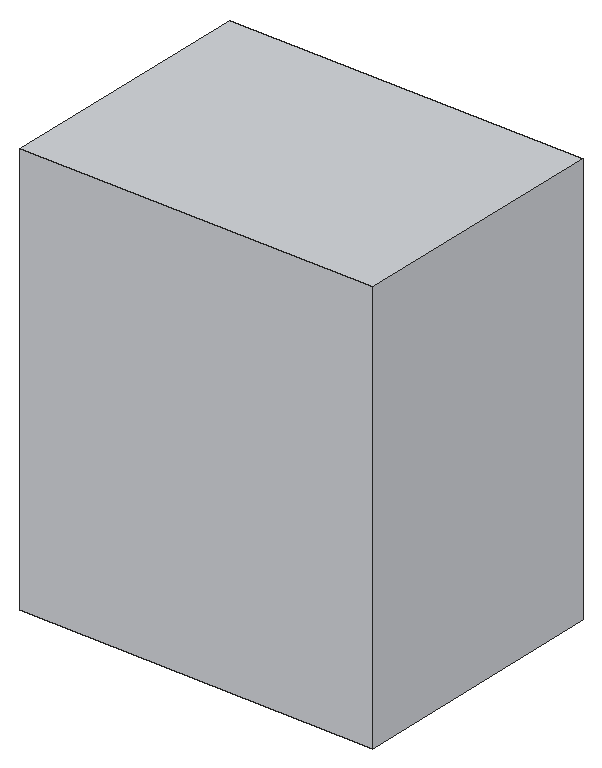
Revit family "M_Relógio de ponto", category Dispositivos de comunicação, Revit 2019
Family settings
  Manter orientação da anotação = Sim
  Cota do conector redondo = Utilizar diâmetro
  Tipo de parte = Normal
  Número OmniClass = 23.85.30.14.11
  Título OmniClass = Clocking-In and Recording
  ID de item do Seek = Time Clock-0000-CAN-ENU
  Com base no plano de trabalho = Não
  Sempre na vertical = Sim
  Corte com vazios quando carregada = Não
  Compartilhado = Não
  Ponto de cálculo do ambiente = Não
Parameters (values of type "Padrão")
  Largura = 165 mm
  Comprimento = 222 mm
  Legenda = "TC"
  Altura = 260 mm
  Material do relógio = none
Reference planes
  plane 1 "Centro (Frente/Trás)": y = 0
  plane 2: z = 0
  plane 3 "Centro (Esquerda/Direita)": x = 0
  plane 4: x = -111
  plane 5: x = 111
  plane 6: y = -165
  plane 7: z = 260
Forms (mm)
  Extrusion 1, solid
    sketch origin (0, 0, 0) x (1, 0, 0) y (0, 1, 0)
      loop
        line (-111, 0) -> (-111, -165) -> (111, -165) -> (111, 0) -> (-111, 0)
    from 0 to 260
Lines and regions (mm)
  symbolic lines, detail levels fine
    curve 1: line (-111, 0, 0) -> (-111, -165, 0)
    curve 2: line (111, 0, 0) -> (-111, 0, 0)
    curve 3: line (111, -165, 0) -> (111, 0, 0)
    curve 4: line (-111, -165, 0) -> (111, -165, 0)
Dimensions and locks
  equal spacing: plane 4, plane 3 "Centro (Esquerda/Direita)", plane 5
  "Comprimento": plane 4 to plane 5
  "Largura": plane 6 to plane 1 "Centro (Frente/Trás)"
  "Altura": plane 7 to plane 2
  aligned and locked: plane 4 to Extrusion 1 sketch curve
  aligned and locked: plane 1 "Centro (Frente/Trás)" to Extrusion 1 sketch curve
  aligned and locked: plane 6 to Extrusion 1 sketch curve
  aligned and locked: Extrusion 1 sketch curve to plane 5
  aligned and locked: Extrusion 1 to plane 2
  aligned and locked: plane 7 to Extrusion 1
  aligned and locked: plane 1 "Centro (Frente/Trás)" to nested 1
  aligned and locked: plane 3 "Centro (Esquerda/Direita)" to nested 1
  aligned and locked: curve 1 to Extrusion 1
  aligned and locked: curve 2 to Extrusion 1
  aligned and locked: curve 3 to Extrusion 1
  aligned and locked: curve 4 to Extrusion 1
Nested families
  nested 1: "M_Anotação do relógio de ponto" at (0, 0, 0), type "Anotação do relógio de ponto", detail levels coarse+medium
Connectors
  electrical at (0, 0, 130)
    settings: on Extrusion 1, index 1, voltage 0 V, apparent load 0 VA, apparent load phase1 0 VA, apparent load phase2 0 VA, apparent load phase3 0 VA, power factor 1, load classification "Outros", number of poles 1, system type 14, power factor state 1, is connector primary yes, connector utility no, sub classification motor no, connector description ""
Definition of nested family "M_Anotação do relógio de ponto"
  Parameters
    Anotação de legenda = "TC"
  Reference planes
    plane 1: y = 0
    plane 2: x = 0
  Lines and regions (mm)
    reference lines
      curve 1: line (-2.977, 5.783, 0) -> (-2.977, -7.274, 0)
      curve 2: line (2.977, 7.519, 0) -> (2.977, -7.274, 0)
      curve 3: line (-14.141, -3.969, 0) -> (17.609, -3.969, 0)
    detail lines
      curve 4: line (-2.977, 0, 0) -> (2.977, 0, 0)
      curve 5: line (-2.977, -3.969, 0) -> (-2.977, 0, 0)
      curve 6: line (2.977, -3.969, 0) -> (-2.977, -3.969, 0)
      curve 7: line (2.977, 0, 0) -> (2.977, -3.969, 0)
  Text (mm)
    label "TC" at (-2.213, -2.057, 0), shows "Anotação de legenda"
  Dimensions and locks
    locked: curve 1 to plane 2 at 2.977
    locked: plane 2 to curve 2 at 2.977
    locked: curve 3 to plane 1 at 3.969
    aligned and locked: curve 1 to curve 4
    aligned and locked: plane 1 to curve 4
    aligned and locked: curve 3 to curve 7
    aligned and locked: curve 2 to curve 7
